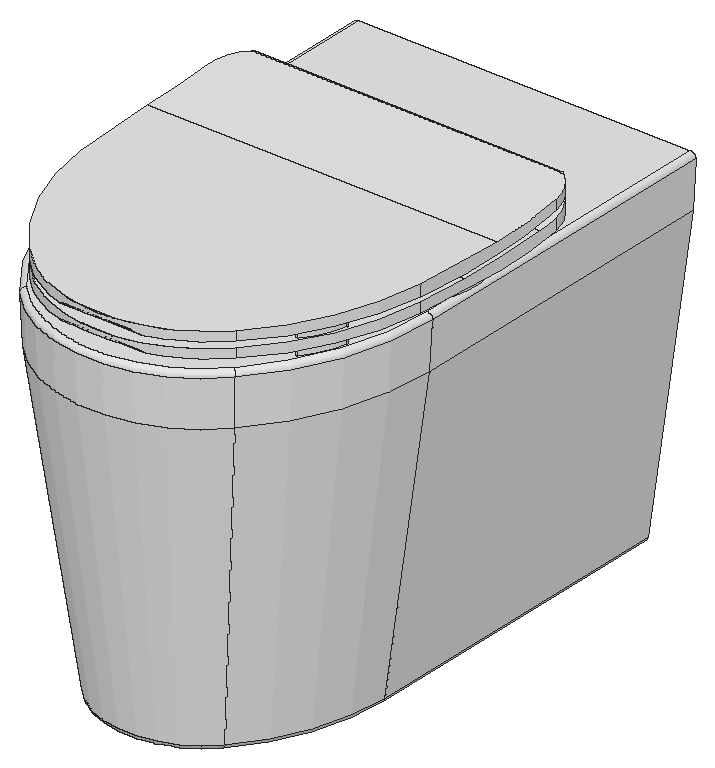
Revit family "Toilet-Floor_Mount-KOHLER-PARLIAMENT-K-22759K_1", category Plumbing Fixtures, host Face, Revit 2017
Family settings
  Host = Face
  Round Connector Dimension = Use Diameter
  Part Type = Normal
  OmniClass Number = 23.31.19.00
  OmniClass Title = Toilets
  Cut with Voids When Loaded = No
  Shared = No
  Room Calculation Point = No
Parameters (values of type "0-White")
  Width = 14.58268"  # constant formula
  WaterSense Certified = 1 = 0  # no
  Waste Water Outlet = "Waste Water Outlet"  # constant formula
  Waste Connection = 1 = 1  # yes
  Vent Connection = 1 = 0  # no
  URL = "https://www.kohlerasiapacific.com/"
  Type = 1
  Seat Included = 1 = 1  # yes
  Rough-In [instance] = 7.28346"  # constant formula
  Product Page URL = "https://www.kohlerasiapacific.com/productDetails/22759K?skuid=22759K-0"
  Product Name = "PARLIAMENT"  # constant formula
  Product Documentation Link = "http://resources.kohler.com/plumbing/kohlerapac/pdf/1321495-K4-C_PARLIAMENT%20GRANDE%20WF_22757K_22759K.pdf"
  Pressure = 0.00 psi
  Model = if(Type = 1, "K-22759K-0", "NA")  # "K-22759K-0"
  Material = "Vitreous China"  # constant formula
  Master Format 2014 Name = "Residential Water Closets"  # constant formula
  Master Format 2014 = "22 42 13.13"  # constant formula
  Manufacturer Address = "No. 158 Jiang Chang San Road, Zhabei District, Shanghai, China"  # constant formula
  Manufacturer = "KOHLER Co."  # constant formula
  Length = 22.83858"  # constant formula
  Hot Water Inlet = "Hot Water Inlet"  # constant formula
  Height = 17.07087"  # constant formula
  HW Connection = 1 = 0  # no
  Flush Rate- LPF = "0 LPF"
  Flush Rate- GPF = "0 GPF"
  Flow Rate = 0 GPM
  Finish = Kohler-Vitreous_China-0-White
  Environmental Product Declaration = ""
  Description = "Wall-Faced Toilet, P-TRAP, Slim Seat"  # constant formula
  Default Elevation = 0"
  Declare Label = ""
  Date Modified = "07/14/2021"  # constant formula
  Date Created = "07/14/2021"  # constant formula
  Copyright = "Copyright KOHLER Co."  # constant formula
  Contact Us = "https://www.kohlerasiapacific.com/contact-us"
  Cold Water Inlet = "Cold Water Inlet"  # constant formula
  CW Connection = 1 = 1  # yes
  Bowl Height [instance] = 15.35433"  # constant formula
  Assembly Code = "D2010100"
  ADA Compliant = 1 = 0  # no
Reference planes (in)
  plane 1 "Center (Front/Back)": y = 0
  plane 2: z = 0
  plane 3 "Center (Left/Right)": x = 0
  plane 4: x = -7.29035
  plane 5: z = 17.07087
  plane 6: y = -22.83858
  plane 7: z = 13.89764
  plane 8: z = 7.28346
  plane 9: z = 15.35433
  plane 10: x = 7.29232
  plane 11: x = -5.11502
  plane 12: x = 5.11502
Dimensions and locks (in)
  "Width": plane 4 to plane 10
  "Length": plane 6 to plane 1 "Center (Front/Back)"
  "Rough-In": plane 8 to level
  "Height": plane 5 to level
  "Bowl Height": plane 9 to level
  aligned and locked: plane 2 to host face
  aligned and locked: level to host face
Automatic sketch dimensions
  host sketch curve to host sketch curve = 96"  (x2)
Nested families (in)
  nested 1: "K-22759K" at (0, 0, 0), type "K-22759K"
Connectors (in)
  piping at (0, 0, 7.28346), diameter 2.89844, driven by "Waste Connection", driven by "Waste Water Outlet"
    settings: on nested 1, index 1, connector inside diameter 24", connector length 0", flow factor 0, pipe flow 0 GPM, pressure drop 0.00 psi, fitting loss kfactor 0, connector angle 0.00°, fixture units 0, engagement length 0", angle of deflection 0.00°, flow configuration 0, flow direction 2, fitting loss method 0, system type 16, joint type 0, gender type 0, connector reference index -1, connector utility 1, adjustable connector no, is connector primary yes, connector description "Waste Water Outlet"
  piping at (0, 0, 13.89764), diameter 2.16406, driven by "Flow Rate", driven by "CW Connection", driven by "Cold Water Inlet"
    settings: on nested 1, index 2, connector inside diameter 24", connector length 0", flow factor 0, pipe flow 0 GPM, pressure drop 0.00 psi, fitting loss kfactor 0, connector angle 0.00°, fixture units 0, engagement length 0", angle of deflection 0.00°, flow configuration 0, flow direction 1, fitting loss method 0, system type 20, joint type 0, gender type 0, connector reference index -1, connector utility 1, adjustable connector no, is connector primary no, connector description "Cold Water Inlet"
Definition of nested family "K-22759K"
  Parameters (values of type "K-22759K")
    Soft seat = yes
    Slim Seat = yes
    Material = none
  Reference planes (in)
    plane 1 "Center (Front/Back)": y = 0
    plane 2: z = 0
    plane 3 "Center (Left/Right)": x = 0
    plane 4: x = -7.16732
    plane 5: y = -22.83858
    plane 6: x = 7.16732
    plane 7: z = 17.07087
    plane 8: z = 15.35433
    plane 9: z = 13.89764
    plane 10: z = 7.28346
  Forms (in)
    Sweep 1, solid, material <- "Material", detail levels medium+fine
      path origin (0, 0, 0) x (1, 0, 0) y (0, 1, 0)
        loop
          line (-7.16732, 0) -> (-7.16732, -13.77953)
          arc (-7.16732, -13.77953) -> (-6.47964, -17.53705) -> (-4.50574, -20.80747) r 10.60948
          arc (-4.50574, -20.80747) -> (0, -22.83788) -> (4.50574, -20.80747) r 6.01462
          arc (4.50574, -20.80747) -> (6.47964, -17.53705) -> (7.16732, -13.77953) r 10.60948
          line (7.16732, -13.77953) -> (7.16732, 0)
      profile origin (0, -22.83788, 0) x (0, 1, 0) y (0, 0, 1)
        loop
          line (2.60756, 0) -> (2.60756, 15.35433) -> (0.23543, 15.35433)
          arc (0.23543, 15.35433) -> (0.06716, 15.2839) -> (-0.00077, 15.1146) r 0.23622
          arc (-0.00077, 15.1146) -> (0.03235, 14.1286) -> (0.10232, 13.14453) r 26.37311
          arc (0.10232, 13.14453) -> (0.87378, 6.64152) -> (2.01307, 0.19277) r 115.34292
          arc (2.01307, 0.19277) -> (2.09705, 0.0543) -> (2.24962, 0) r 0.24153
          line (2.24962, 0) -> (2.60756, 0)
    Extrusion 2, solid, material <- "Material", detail levels medium+fine
      sketch origin (0, 0, 0) x (1, 0, 0) y (0, 1, 0)
        loop
          line (4.55976, 0) -> (-4.55976, 0) -> (-4.55976, -13.77953)
          arc (-4.55976, -13.77953) -> (-4.04109, -16.61354) -> (-2.55233, -19.08017) r 8.00191
          arc (-2.55233, -19.08017) -> (0, -20.23031) -> (2.55233, -19.08017) r 3.40705
          arc (2.55233, -19.08017) -> (4.04109, -16.61354) -> (4.55976, -13.77953) r 8.00191
          line (4.55976, -13.77953) -> (4.55976, 0)
      from 0 to 15.35433
    Extrusion 3, solid, material <- "Material", detail levels medium+fine
      sketch origin (0, 0, 0) x (0, 1, 0) y (0, 0, 1)
        loop
          arc (-22.46942, 15.89878) -> (-22.45121, 15.84963) -> (-22.40537, 15.82423) r 0.07541
          arc (-22.40537, 15.82423) -> (-22.28653, 15.78663) -> (-22.18485, 15.71454) r 0.40324
          arc (-22.18485, 15.71454) -> (-22.1646, 15.7) -> (-22.14098, 15.69202) r 0.08408
          arc (-22.14098, 15.69202) -> (-22.07797, 15.68197) -> (-22.01463, 15.67423) r 1.73865
          line (-22.01463, 15.67423) -> (-10.45186, 15.56962)
          arc (-10.45186, 15.56962) -> (-8.98965, 15.5995) -> (-7.53174, 15.71549) r 24.80934
          arc (-7.53174, 15.71549) -> (-6.76461, 15.81146) -> (-6.00085, 15.93128) r 24.80934
          line (-6.00085, 15.93128) -> (-6.07136, 16.33911)
          arc (-6.07136, 16.33911) -> (-6.12458, 16.41879) -> (-6.21937, 16.43279) r 0.11811
          arc (-6.21937, 16.43279) -> (-7.26361, 16.207) -> (-8.32698, 16.10385) r 9.19619
          arc (-8.32698, 16.10385) -> (-10.27984, 16.04732) -> (-12.23343, 16.02848) r 101.27444
          line (-12.23343, 16.02848) -> (-22.39047, 16.02848)
          arc (-22.39047, 16.02848) -> (-22.4463, 16.00535) -> (-22.46942, 15.94953) r 0.07895
          line (-22.46942, 15.94953) -> (-22.46942, 15.89878)
        loop
          arc (-22.46626, 16.56353) -> (-22.44985, 16.51547) -> (-22.40748, 16.48748) r 0.07859
          arc (-22.40748, 16.48748) -> (-22.28326, 16.43318) -> (-22.18195, 16.34309) r 0.43256
          arc (-22.18195, 16.34309) -> (-22.15551, 16.3208) -> (-22.12282, 16.30952) r 0.09456
          line (-22.12282, 16.30952) -> (-12.19643, 16.19665)
          arc (-12.19643, 16.19665) -> (-9.94703, 16.24878) -> (-7.70659, 16.45603) r 32.57906
          arc (-7.70659, 16.45603) -> (-6.89013, 16.59206) -> (-6.08648, 16.79016) r 10.8082
          arc (-6.08648, 16.79016) -> (-6.03859, 16.82789) -> (-6.03075, 16.88835) r 0.08071
          line (-6.03075, 16.88835) -> (-6.06355, 17.01244)
          arc (-6.06355, 17.01244) -> (-6.09923, 17.06145) -> (-6.15865, 17.07345) r 0.08359
          arc (-6.15865, 17.07345) -> (-8.35941, 16.78844) -> (-10.5765, 16.6932) r 25.85437
          line (-10.5765, 16.6932) -> (-22.38752, 16.6932)
          arc (-22.38752, 16.6932) -> (-22.4432, 16.67014) -> (-22.46626, 16.61446) r 0.07874
          line (-22.46626, 16.61446) -> (-22.46626, 16.56353)
      from -8.34139 to 7.80591
    Extrusion 4, void
      sketch origin (0, 0, 0) x (1, 0, 0) y (0, 1, 0)
        loop
          line (5.57868, -5.86926) -> (-5.57868, -5.86926)
          arc (-5.57868, -5.86926) -> (-6.74425, -6.33437) -> (-7.2694, -7.47415) r 1.69301
          arc (-7.2694, -7.47415) -> (-7.31989, -10.91492) -> (-7.11309, -14.34985) r 46.01166
          arc (-7.11309, -14.34985) -> (-6.22981, -17.67135) -> (-4.33289, -20.53741) r 10.62992
          arc (-4.33289, -20.53741) -> (0, -22.4303) -> (4.33289, -20.53741) r 5.90551
          arc (4.33289, -20.53741) -> (6.22981, -17.67135) -> (7.11309, -14.34985) r 10.62992
          arc (7.11309, -14.34985) -> (7.31989, -10.91492) -> (7.2694, -7.47415) r 46.01166
          arc (7.2694, -7.47415) -> (6.74425, -6.33437) -> (5.57868, -5.86926) r 1.69301
        loop
          line (8.76022, -4.09678) -> (-10.92482, -4.09678) -> (-10.92482, -23.78182) -> (8.76022, -23.78182) -> (8.76022, -4.09678)
      from 13.82567 to 17.57876
    Extrusion 5, solid, material <- "Material", detail levels medium+fine
      sketch origin (0, 0, 0) x (0, 1, 0) y (0, 0, 1)
        loop
          circle (-6.39883, 16.18457) r 0.5315
      from -6.3189 to 6.3189
    Extrusion 6, solid, material <- "Material", detail levels medium+fine
      sketch origin (0, 0, 0) x (0, 1, 0) y (0, 0, 1)
        loop
          arc (-6.85505, 16.02032) -> (-6.22311, 15.70598) -> (-5.88151, 16.3236) r 0.51033
          line (-5.88151, 16.3236) -> (-6.04543, 16.9439) -> (-7.08837, 16.66829) -> (-6.85505, 16.02032)
      from 4.66653 to 5.30219
    Extrusion 7, solid, material <- "Material", detail levels medium+fine
      sketch origin (0, 0, 0) x (0, 1, 0) y (0, 0, 1)
        loop
          line (-6.91935, 15.35433) -> (-6.80915, 15.35433) -> (-6.80915, 15.49984) -> (-5.96968, 15.49476) -> (-5.96968, 15.35433) -> (-5.84627, 15.35433) -> (-5.86513, 15.98008)
          arc (-5.86513, 15.98008) -> (-6.40006, 16.49137) -> (-6.91935, 15.9642) r 0.52723
          line (-6.91935, 15.9642) -> (-6.91935, 15.35433)
      from -4.27165 to 4.27332
    Extrusion 8, solid, material <- "Material", detail levels medium+fine
      sketch origin (0, 0, 0) x (0, 1, 0) y (0, 0, -1)
        loop
          line (-6.85505, -16.02032) -> (-7.08837, -16.66829) -> (-6.04543, -16.9439) -> (-5.88151, -16.3236)
          arc (-5.88151, -16.3236) -> (-6.22311, -15.70598) -> (-6.85505, -16.02032) r 0.51033
      from 4.66653 to 5.30219
    Extrusion 9, solid, material <- "Material", detail levels medium+fine
      sketch origin (0, 0, 0) x (1, 0, 0) y (0, 1, 0)
        loop
          circle (3.07034, -5.65461) r 1.10236
        loop
          circle (-3.07034, -5.65461) r 1.10236
      from 15.35433 to 15.45359
    Extrusion 10, solid, material <- "Material", detail levels medium+fine
      sketch origin (0, 0, 0) x (1, 0, 0) y (0, 0, 1)
        loop
          circle (0, 7.28346) r 0.98425
        loop
          circle (0, 13.89764) r 0.19685
      from 0 to 0.19685
    Extrusion 11, solid, material <- "Material", detail levels medium+fine
      sketch origin (0, 0, 0) x (1, 0, 0) y (0, 1, 0)
        loop
          line (-6.64348, -11.01537) -> (-6.88659, -10.5943)
          arc (-6.88659, -10.5943) -> (-6.95311, -10.56139) -> (-7.00911, -10.6101) r 0.06693
          arc (-7.00911, -10.6101) -> (-7.12884, -11.50649) -> (-7.00646, -12.40252) r 3.37783
          arc (-7.00646, -12.40252) -> (-6.95089, -12.45064) -> (-6.88503, -12.418) r 0.06636
          line (-6.88503, -12.418) -> (-6.64348, -11.99963)
          arc (-6.64348, -11.99963) -> (-6.51161, -11.5075) -> (-6.64348, -11.01537) r 0.98425
        loop
          arc (6.64348, -11.01537) -> (6.51161, -11.5075) -> (6.64348, -11.99963) r 0.98425
          line (6.64348, -11.99963) -> (6.88503, -12.418)
          arc (6.88503, -12.418) -> (6.95089, -12.45064) -> (7.00646, -12.40252) r 0.06636
          arc (7.00646, -12.40252) -> (7.12884, -11.50649) -> (7.00911, -10.6101) r 3.37783
          arc (7.00911, -10.6101) -> (6.95311, -10.56139) -> (6.88659, -10.5943) r 0.06693
          line (6.88659, -10.5943) -> (6.64348, -11.01537)
        loop
          line (-5.73201, -17.29706) -> (-6.13029, -17.01819)
          arc (-6.13029, -17.01819) -> (-6.20449, -17.01647) -> (-6.23465, -17.08429) r 0.06693
          arc (-6.23465, -17.08429) -> (-5.96433, -17.94729) -> (-5.47474, -18.70765) r 3.37783
          arc (-5.47474, -18.70765) -> (-5.40404, -18.72778) -> (-5.35815, -18.67036) r 0.06636
          line (-5.35815, -18.67036) -> (-5.31604, -18.18911)
          arc (-5.31604, -18.18911) -> (-5.40451, -17.68735) -> (-5.73201, -17.29706) r 0.98425
        loop
          arc (5.73201, -17.29706) -> (5.40451, -17.68735) -> (5.31604, -18.18911) r 0.98425
          line (5.31604, -18.18911) -> (5.35815, -18.67036)
          arc (5.35815, -18.67036) -> (5.40404, -18.72778) -> (5.47474, -18.70765) r 0.06636
          arc (5.47474, -18.70765) -> (5.96433, -17.94729) -> (6.23465, -17.08429) r 3.37783
          arc (6.23465, -17.08429) -> (6.20449, -17.01647) -> (6.13029, -17.01819) r 0.06693
          line (6.13029, -17.01819) -> (5.73201, -17.29706)
      from 15.35433 to 15.76856
    Extrusion 12, solid, material <- "Material", detail levels medium+fine
      sketch origin (0, 0, 0) x (1, 0, 0) y (0, 1, 0)
        loop
          line (-5.73201, -17.29706) -> (-6.13029, -17.01819)
          arc (-6.13029, -17.01819) -> (-6.20449, -17.01647) -> (-6.23465, -17.08429) r 0.06693
          arc (-6.23465, -17.08429) -> (-5.96433, -17.94729) -> (-5.47474, -18.70765) r 3.37783
          arc (-5.47474, -18.70765) -> (-5.40404, -18.72778) -> (-5.35815, -18.67036) r 0.06636
          line (-5.35815, -18.67036) -> (-5.31604, -18.18911)
          arc (-5.31604, -18.18911) -> (-5.40451, -17.68735) -> (-5.73201, -17.29706) r 0.98425
        loop
          arc (5.73201, -17.29706) -> (5.40451, -17.68735) -> (5.31604, -18.18911) r 0.98425
          line (5.31604, -18.18911) -> (5.35815, -18.67036)
          arc (5.35815, -18.67036) -> (5.40404, -18.72778) -> (5.47474, -18.70765) r 0.06636
          arc (5.47474, -18.70765) -> (5.96433, -17.94729) -> (6.23465, -17.08429) r 3.37783
          arc (6.23465, -17.08429) -> (6.20449, -17.01647) -> (6.13029, -17.01819) r 0.06693
          line (6.13029, -17.01819) -> (5.73201, -17.29706)
      from 15.8993 to 16.48587
    Sweep 13, solid, material <- "Material", detail levels medium+fine
      path origin (0, 0, 0) x (1, 0, 0) y (0, 1, 0)
        loop
          arc (-4.40822, -10.17284) -> (-5.14618, -11.61086) -> (-5.42816, -13.20239) r 5.42999
          arc (-5.42816, -13.20239) -> (-4.90426, -16.6645) -> (-3.21787, -19.73316) r 9.99024
          arc (-3.21787, -19.73316) -> (0, -21.272) -> (3.21787, -19.73316) r 4.13386
          arc (3.21787, -19.73316) -> (4.90426, -16.6645) -> (5.42816, -13.20239) r 9.99024
          arc (5.42816, -13.20239) -> (5.14618, -11.61086) -> (4.40822, -10.17284) r 5.42999
          arc (4.40822, -10.17284) -> (0, -7.91341) -> (-4.40822, -10.17284) r 5.42999
      profile origin (0, -7.91341, 0) x (0, 1, 0) y (0, 0, 1)
        loop
          line (-1.17986, 15.25777) -> (-1.05429, 15.25701)
          arc (-1.05429, 15.25701) -> (-0.98922, 15.26766) -> (-0.93132, 15.2992) r 0.19685
          arc (-0.93132, 15.2992) -> (-0.49682, 15.56171) -> (-0.01131, 15.70999) r 2.05979
          line (-0.01131, 15.70999) -> (-0.72763, 15.70999)
          arc (-0.72763, 15.70999) -> (-1.0474, 15.57754) -> (-1.17986, 15.25777) r 0.45222
    Extrusion 14, solid, material <- "Material", detail levels coarse
      sketch origin (0, 0, 0) x (1, 0, 0) y (0, 1, 0)
        loop
          line (-7.16732, 0) -> (-7.16732, -13.75584)
          arc (-7.16732, -13.75584) -> (-6.26039, -18.03239) -> (-3.69571, -21.5727) r 10.53625
          arc (-3.69571, -21.5727) -> (0, -22.99529) -> (3.69571, -21.5727) r 5.51181
          arc (3.69571, -21.5727) -> (6.26039, -18.03239) -> (7.16732, -13.75584) r 10.53625
          line (7.16732, -13.75584) -> (7.16732, 0) -> (-7.16732, 0)
      from 0 to 15.35433
    Extrusion 15, solid, material <- "Material", detail levels coarse
      sketch origin (0, 0, 0) x (1, 0, 0) y (0, 1, 0)
        loop
          line (-7.16732, -6.05817) -> (-7.16732, -13.75584)
          arc (-7.16732, -13.75584) -> (-6.26039, -18.03239) -> (-3.69571, -21.5727) r 10.53625
          arc (-3.69571, -21.5727) -> (0, -22.99529) -> (3.69571, -21.5727) r 5.51181
          arc (3.69571, -21.5727) -> (6.26039, -18.03239) -> (7.16732, -13.75584) r 10.53625
          line (7.16732, -13.75584) -> (7.16732, -6.05817) -> (-7.16732, -6.05817)
      from 15.35433 to 17.07087
  Cuts and joins
    joined: Sweep 1, Extrusion 2
    Extrusion 4 cuts Extrusion 3
  Lines and regions (in)
    Masking region 1
      outline origin (0, 0, 0) x (1, 0, 0) y (0, 1, 0)
        loop
          arc (7.16732, -0.19685) -> (7.10967, -0.05766) -> (6.97047, 0) r 0.19685
          line (6.97047, 0) -> (-6.97047, 0)
          arc (-6.97047, 0) -> (-7.10967, -0.05766) -> (-7.16732, -0.19685) r 0.19685
          line (-7.16732, -0.19685) -> (-7.16732, -6.97703)
          arc (-7.16732, -6.97703) -> (-7.23709, -7.22174) -> (-7.2694, -7.47415) r 1.69301
          arc (-7.2694, -7.47415) -> (-7.29083, -11.80989) -> (-6.90405, -16.12839) r 46.01166
          arc (-6.90405, -16.12839) -> (-5.99934, -18.61886) -> (-4.50574, -20.80747) r 10.60948
          arc (-4.50574, -20.80747) -> (0, -22.83788) -> (4.50574, -20.80747) r 6.01462
          arc (4.50574, -20.80747) -> (5.99934, -18.61886) -> (6.90405, -16.12839) r 10.60948
          arc (6.90405, -16.12839) -> (7.29083, -11.80989) -> (7.2694, -7.47415) r 46.01166
          arc (7.2694, -7.47415) -> (7.23709, -7.22174) -> (7.16732, -6.97703) r 1.69301
          line (7.16732, -6.97703) -> (7.16732, -0.19685)
    Masking region 2
      outline origin (0, 0, 0) x (0, 1, 0) y (0, 0, 1)
        loop
          arc (-5.88498, 16.32036) -> (-5.8691, 16.22777) -> (-5.86976, 16.13383) r 0.5315
          line (-5.86976, 16.13383) -> (-5.84926, 15.45359) -> (-4.57705, 15.45359)
          arc (-4.57705, 15.45359) -> (-4.55951, 15.44633) -> (-4.55225, 15.42879) r 0.0248
          line (-4.55225, 15.42879) -> (-4.55225, 15.35433) -> (-0.19685, 15.35433)
          arc (-0.19685, 15.35433) -> (-0.05766, 15.29667) -> (0, 15.15748) r 0.19685
          line (0, 15.15748) -> (0, 0.19685)
          arc (0, 0.19685) -> (-0.05766, 0.05766) -> (-0.19685, 0) r 0.19685
          line (-0.19685, 0) -> (-20.58825, 0)
          arc (-20.58825, 0) -> (-20.74083, 0.0543) -> (-20.82481, 0.19277) r 0.24153
          arc (-20.82481, 0.19277) -> (-21.96409, 6.64152) -> (-22.73556, 13.14453) r 115.34292
          arc (-22.73556, 13.14453) -> (-22.80553, 14.1286) -> (-22.83865, 15.1146) r 26.37311
          arc (-22.83865, 15.1146) -> (-22.77072, 15.2839) -> (-22.60245, 15.35433) r 0.23622
          line (-22.60245, 15.35433) -> (-20.41255, 15.35433)
          arc (-20.41255, 15.35433) -> (-20.73373, 15.53745) -> (-21.08046, 15.66578) r 2.26091
          line (-21.08046, 15.66578) -> (-22.01463, 15.67423)
          arc (-22.01463, 15.67423) -> (-22.07797, 15.68197) -> (-22.14098, 15.69202) r 1.73865
          arc (-22.14098, 15.69202) -> (-22.1646, 15.7) -> (-22.18485, 15.71454) r 0.08408
          arc (-22.18485, 15.71454) -> (-22.28653, 15.78663) -> (-22.40537, 15.82423) r 0.40324
          arc (-22.40537, 15.82423) -> (-22.45121, 15.84963) -> (-22.46942, 15.89878) r 0.07541
          line (-22.46942, 15.89878) -> (-22.46942, 15.94953)
          arc (-22.46942, 15.94953) -> (-22.4463, 16.00535) -> (-22.39047, 16.02848) r 0.07895
          line (-22.39047, 16.02848) -> (-18.66728, 16.02848) -> (-18.73225, 16.27096) -> (-22.12282, 16.30952)
          arc (-22.12282, 16.30952) -> (-22.15551, 16.3208) -> (-22.18195, 16.34309) r 0.09456
          arc (-22.18195, 16.34309) -> (-22.28326, 16.43318) -> (-22.40748, 16.48748) r 0.43256
          arc (-22.40748, 16.48748) -> (-22.44985, 16.51547) -> (-22.46626, 16.56353) r 0.07859
          line (-22.46626, 16.56353) -> (-22.46626, 16.61446)
          arc (-22.46626, 16.61446) -> (-22.4432, 16.67014) -> (-22.38752, 16.6932) r 0.07874
          line (-22.38752, 16.6932) -> (-10.5765, 16.6932)
          arc (-10.5765, 16.6932) -> (-8.35941, 16.78844) -> (-6.15865, 17.07345) r 25.85437
          arc (-6.15865, 17.07345) -> (-6.09923, 17.06145) -> (-6.06355, 17.01244) r 0.08359
          line (-6.06355, 17.01244) -> (-5.88093, 16.32143)
        loop
          arc (-7.53174, 15.71549) -> (-7.84477, 15.68328) -> (-8.15819, 15.65505) r 24.80934
          arc (-8.15819, 15.65505) -> (-8.47735, 15.53028) -> (-8.7714, 15.35433) r 2.05979
          line (-8.7714, 15.35433) -> (-6.91935, 15.35433) -> (-6.91935, 15.79014)
          arc (-6.91935, 15.79014) -> (-7.22531, 15.75091) -> (-7.53174, 15.71549) r 24.80934
        loop
          arc (-12.23343, 16.02848) -> (-10.27984, 16.04732) -> (-8.32698, 16.10385) r 101.27444
          arc (-8.32698, 16.10385) -> (-7.63169, 16.15715) -> (-6.94243, 16.26298) r 9.19619
          line (-6.94243, 16.26298) -> (-7.04953, 16.56043)
          arc (-7.04953, 16.56043) -> (-7.37726, 16.50317) -> (-7.70659, 16.45603) r 10.8082
          arc (-7.70659, 16.45603) -> (-9.94703, 16.24878) -> (-12.19643, 16.19665) r 32.57906
          line (-12.19643, 16.19665) -> (-17.01819, 16.25148) -> (-17.07794, 16.02848) -> (-12.23343, 16.02848)
        loop
          arc (-6.75697, 15.42879) -> (-6.74971, 15.44633) -> (-6.73218, 15.45359) r 0.0248
          line (-6.73218, 15.45359) -> (-5.96968, 15.45359) -> (-5.96968, 15.49476) -> (-6.80915, 15.49984) -> (-6.80915, 15.35433) -> (-6.75697, 15.35433) -> (-6.75697, 15.42879)
    Masking region 3
      outline origin (0, 0, 0) x (1, 0, 0) y (0, 0, 1)
        loop
          line (-4.88404, 0) -> (4.88404, 0)
          arc (4.88404, 0) -> (5.03662, 0.0543) -> (5.12059, 0.19277) r 0.24153
          arc (5.12059, 0.19277) -> (6.25988, 6.64152) -> (7.03134, 13.14453) r 115.34292
          arc (7.03134, 13.14453) -> (7.10131, 14.1286) -> (7.13443, 15.1146) r 26.37311
          arc (7.13443, 15.1146) -> (7.06651, 15.2839) -> (6.89824, 15.35433) r 0.23622
          line (6.89824, 15.35433) -> (6.98236, 15.58546) -> (7.16732, 15.58546) -> (7.16732, 16.03535)
          arc (7.16732, 16.03535) -> (7.13512, 16.13544) -> (7.05058, 16.19796) r 0.17163
          line (7.05058, 16.19796) -> (7.16732, 16.19796) -> (7.16732, 16.6932)
          arc (7.16732, 16.6932) -> (7.15601, 16.78479) -> (7.12275, 16.87087) r 0.37636
          arc (7.12275, 16.87087) -> (7.0985, 16.90119) -> (7.06501, 16.92083) r 0.1067
          arc (7.06501, 16.92083) -> (6.75979, 17.01279) -> (6.44635, 17.07087) r 2.91388
          line (6.44635, 17.07087) -> (-6.44635, 17.07087)
          arc (-6.44635, 17.07087) -> (-6.75979, 17.01279) -> (-7.06501, 16.92083) r 2.91388
          arc (-7.06501, 16.92083) -> (-7.0985, 16.90119) -> (-7.12275, 16.87087) r 0.1067
          arc (-7.12275, 16.87087) -> (-7.15601, 16.78479) -> (-7.16732, 16.6932) r 0.37636
          line (-7.16732, 16.6932) -> (-7.16732, 16.19796) -> (-7.05058, 16.19796)
          arc (-7.05058, 16.19796) -> (-7.13512, 16.13544) -> (-7.16732, 16.03535) r 0.17163
          line (-7.16732, 16.03535) -> (-7.16732, 15.58546) -> (-6.98236, 15.58546) -> (-6.89824, 15.35433)
          arc (-6.89824, 15.35433) -> (-7.06651, 15.2839) -> (-7.13443, 15.1146) r 0.23622
          arc (-7.13443, 15.1146) -> (-7.10131, 14.1286) -> (-7.03134, 13.14453) r 26.37311
          arc (-7.03134, 13.14453) -> (-6.25988, 6.64152) -> (-5.12059, 0.19277) r 115.34292
          arc (-5.12059, 0.19277) -> (-5.03662, 0.0543) -> (-4.88404, 0) r 0.24153
        loop
          line (6.50068, 15.35433) -> (6.43874, 15.58546) -> (6.24189, 15.58546) -> (6.15777, 15.35433) -> (6.50068, 15.35433)
        loop
          line (5.35815, 15.35433) -> (5.29621, 15.58546) -> (5.01263, 15.58546)
          arc (5.01263, 15.58546) -> (4.7563, 15.48811) -> (4.51697, 15.35433) r 1.87052
          line (4.51697, 15.35433) -> (5.35815, 15.35433)
        loop
          line (-6.50068, 15.35433) -> (-6.15777, 15.35433) -> (-6.24189, 15.58546) -> (-6.43874, 15.58546) -> (-6.50068, 15.35433)
        loop
          line (-5.35815, 15.35433) -> (-4.51697, 15.35433)
          arc (-4.51697, 15.35433) -> (-4.7563, 15.48811) -> (-5.01263, 15.58546) r 1.87052
          line (-5.01263, 15.58546) -> (-5.29621, 15.58546) -> (-5.35815, 15.35433)
    symbolic lines, detail levels medium+fine
      curve 1: arc (-1.9887, -5.86734, 0) -> (-3.07034, -4.55225, 0) -> (-4.15199, -5.86734, 0) r 1.10236
      curve 3: line (-6.3189, -5.86734, 0) -> (-6.3189, -6.03965, 0)
      curve 4: line (-5.30219, -5.86734, 0) -> (-5.30219, -6.03965, 0)
      curve 5: line (-4.66653, -6.03965, 0) -> (-4.66653, -5.86734, 0)
      curve 7: line (-6.3189, -5.86734, 0) -> (6.3189, -5.86734, 0)
      curve 8: arc (1.9887, -5.86734, 0) -> (3.07034, -4.55225, 0) -> (4.15199, -5.86734, 0) r 1.10236
      curve 10: line (6.3189, -5.86734, 0) -> (6.3189, -6.03965, 0)
      curve 11: line (5.30219, -5.86734, 0) -> (5.30219, -6.03965, 0)
      curve 12: line (4.66653, -6.03965, 0) -> (4.66653, -5.86734, 0)
      curve 13: arc (4.33289, -20.53741, 0) -> (0, -22.4303, 0) -> (-4.33289, -20.53741, 0) r 5.90551
      curve 14: arc (-4.33289, -20.53741, 0) -> (-6.22981, -17.67135, 0) -> (-7.11309, -14.34985, 0) r 10.62992
      curve 15: arc (7.11309, -14.34985, 0) -> (6.22981, -17.67135, 0) -> (4.33289, -20.53741, 0) r 10.62992
      curve 16: line (-6.97047, -6.59832, 0) -> (-6.97047, -0.3937, 0)
      curve 17: line (-6.77362, -0.19685, 0) -> (6.77362, -0.19685, 0)
      curve 18: arc (-6.97047, -0.3937, 0) -> (-6.91282, -0.25451, 0) -> (-6.77362, -0.19685, 0) r 0.19685
      curve 19: line (6.97047, -6.59832, 0) -> (6.97047, -0.3937, 0)
      curve 20: arc (6.97047, -0.3937, 0) -> (6.91282, -0.25451, 0) -> (6.77362, -0.19685, 0) r 0.19685
      curve 21: arc (-6.99418, -7.48849, 0) -> (-6.73803, -6.7468, 0) -> (-6.12657, -6.25502, 0) r 1.41742
      curve 22: arc (-6.8388, -14.32301, 0) -> (-7.04437, -10.90866, 0) -> (-6.99418, -7.48849, 0) r 45.73607
      curve 23: arc (-4.13069, -20.35015, 0) -> (-5.97842, -17.5584, 0) -> (-6.8388, -14.32301, 0) r 10.35433
      curve 24: arc (4.13069, -20.35015, 0) -> (0, -22.15471, 0) -> (-4.13069, -20.35015, 0) r 5.62992
      curve 25: arc (6.8388, -14.32301, 0) -> (5.97842, -17.5584, 0) -> (4.13069, -20.35015, 0) r 10.35433
      curve 26: arc (6.99418, -7.48849, 0) -> (6.73803, -6.7468, 0) -> (6.12657, -6.25502, 0) r 1.41742
      curve 27: arc (6.8388, -14.32301, 0) -> (7.04437, -10.90866, 0) -> (6.99418, -7.48849, 0) r 45.73607
      curve 28: line (-6.12657, -6.25502, 0) -> (6.12657, -6.25502, 0)
      curve 29: line (0, -22.73556, 13.14453) -> (0, 0, 13.14453)
      curve 30: line (0, -22.01463, 15.67423) -> (0, -10.45186, 15.56962)
      curve 31: arc (0, -10.45186, 15.56962) -> (0, -8.98965, 15.5995) -> (0, -7.53174, 15.71549) r 24.80934
      curve 32: line (0, -18.73225, 16.27096) -> (0, -17.01819, 16.25148)
      curve 33: line (0, -17.07794, 16.02848) -> (0, -18.66728, 16.02848)
      curve 34: line (0, -8.7714, 15.35433) -> (0, -20.41255, 15.35433)
      curve 35: line (0, -4.55225, 15.35433) -> (0, -6.91935, 15.35433)
      curve 36: line (0, -5.84926, 15.45359) -> (0, -5.84926, 15.35433)
      curve 37: line (0, -5.96968, 15.45359) -> (0, -5.96968, 15.35433)
      curve 38: arc (0, -6.91935, 15.79014) -> (0, -6.45944, 15.85641) -> (0, -6.00085, 15.93128) r 24.80934
      curve 39: line (0, -6.00085, 15.93128) -> (0, -6.07136, 16.33911)
      curve 40: arc (0, -6.21937, 16.43279) -> (0, -6.57918, 16.34058) -> (0, -6.94243, 16.26298) r 9.19619
      curve 41: arc (0, -6.07136, 16.33911) -> (0, -6.12458, 16.41879) -> (0, -6.21937, 16.43279) r 0.11811
      curve 42: arc (0, -5.86734, 16.18457) -> (0, -6.01028, 16.54722) -> (0, -6.36223, 16.7148) r 0.5315
      curve 43: arc (0, -7.04953, 16.56043) -> (0, -6.56538, 16.66426) -> (0, -6.08648, 16.79016) r 10.8082
      curve 44: arc (0, -6.08648, 16.79016) -> (0, -6.03859, 16.82789) -> (0, -6.03075, 16.88835) r 0.08071
      curve 45: arc (0, -6.77579, 15.80988) -> (0, -6.21989, 15.6841) -> (0, -5.86976, 16.13383) r 0.5315
      curve 46: arc (0, -6.67492, 16.63873) -> (0, -6.84056, 16.48015) -> (0, -6.92397, 16.26655) r 0.5315
      curve 47: line (0, -10.55987, 15.5706) -> (0, -10.7113, 15.35433)
      curve 48: line (0, -12.44927, 15.58769) -> (0, -12.28587, 15.35433)
      curve 49: line (0, -16.88674, 15.62784) -> (0, -17.07825, 15.35433)
      curve 50: line (0, -18.85681, 15.64566) -> (0, -18.65282, 15.35433)
      curve 51: line (-7.03134, 0, 13.14453) -> (7.03134, 0, 13.14453)
      curve 52: line (-6.9319, 0, 15.35433) -> (6.9319, 0, 15.35433)
      curve 53: line (-7.16732, 0, 16.03535) -> (7.16732, 0, 16.03535)
      curve 54: arc (-7.05058, 0, 16.19796) -> (0, 0, 16.30952) -> (7.05058, 0, 16.19796) r 222.87121
      curve 55: arc (-5.01263, 0, 15.58546) -> (0, 0, 15.67423) -> (5.01263, 0, 15.58546) r 141.57103
      curve 56: line (-6.98236, 0, 15.58546) -> (-6.43874, 0, 15.58546)
      curve 57: line (-5.29621, 0, 15.58546) -> (-6.24189, 0, 15.58546)
      curve 58: arc (-7.16732, 0, 16.67331) -> (0, 0, 16.73057) -> (7.16732, 0, 16.67331) r 448.65099
      curve 59: line (6.98236, 0, 15.58546) -> (6.43874, 0, 15.58546)
      curve 60: line (5.29621, 0, 15.58546) -> (6.24189, 0, 15.58546)
      curve 61: line (-6.24189, 0, 16.03535) -> (-6.3189, 0, 16.21992)
      curve 62: line (-5.30219, 0, 16.03535) -> (-5.24527, 0, 16.24778)
      curve 63: line (6.24189, 0, 16.03535) -> (6.3189, 0, 16.21992)
      curve 64: line (5.30219, 0, 16.03535) -> (5.24527, 0, 16.24778)
    symbolic lines
      curve 2: arc (-7.16732, -6.97703, 0) -> (-6.8339, -6.42617, 0) -> (-6.3189, -6.03965, 0) r 1.69301
      curve 6: line (-6.3189, -6.03965, 0) -> (6.3189, -6.03965, 0)
      curve 9: arc (7.16732, -6.97703, 0) -> (6.8339, -6.42617, 0) -> (6.3189, -6.03965, 0) r 1.69301
  Dimensions and locks (in)
    plane 5 to plane 1 "Center (Front/Back)" = 22.83858"
    plane 7 to level = 17.07087"
    plane 8 to level = 15.35433"
    plane 10 to level = 7.28346"
    plane 9 to level = 13.89764"
    aligned and locked: plane 2 to level
    aligned and locked: Extrusion 11 to plane 8
